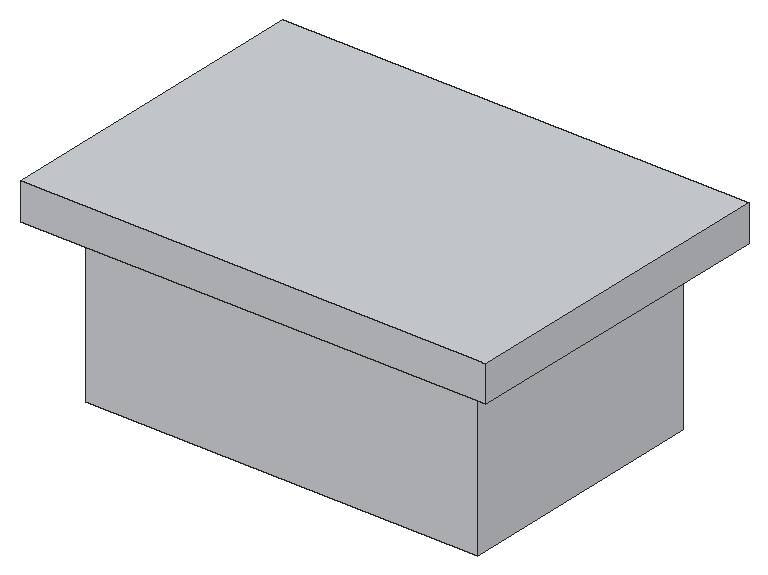
Revit family "445c64adc20849bd9430d785a7de49f6", category Nurse Call Devices, host Face, Revit 2021
Family settings
  Host = Face
  Maintain Annotation Orientation = Yes
  Round Connector Dimension = Use Diameter
  Part Type = Normal
  OmniClass Number = 23.85.30.24.14
  OmniClass Title = Nurse Call Systems
  Seek Item ID = Staff Station-0000-USA-ENU
  Cut with Voids When Loaded = No
  Shared = No
  Room Calculation Point = No
Parameters (values of type "Standard")
  Project = 0' - 0 1/2"
  Label = "SS"
  Default Elevation = 4' - 0"
  Faceplate Width = 0' - 4 1/2"
  Faceplate Material = none
  Faceplate Length = 0' - 6 3/8"
  Faceplate Height = 0' - 2 3/4"
Reference planes (in)
  plane 1 "Center (Front/Back)": y = 0
  plane 2: z = 0
  plane 3 "Center (Left/Right)": x = 0
  plane 4: y = -4.5
  plane 5: x = -3.1875
  plane 6: x = 3.1875
  plane 7: z = 0.5
  plane 8: z = -2.25
  plane 9: x = -2.6875
  plane 10: x = 2.6875
  plane 11: y = -0.5
  plane 12: y = -4
Forms (in)
  Extrusion 1, solid, material <- "Faceplate Material"
    sketch origin (0, 0, 0) x (1, 0, 0) y (0, 1, 0)
      loop
        line (-3.1875, 0) -> (-3.1875, -4.5) -> (3.1875, -4.5) -> (3.1875, 0) -> (-3.1875, 0)
    from 0 to 0.5
  Extrusion 2, solid, material <- "Faceplate Material"
    sketch origin (0, 0, 0) x (1, 0, 0) y (0, 1, 0)
      loop
        line (-2.6875, -0.5) -> (-2.6875, -4) -> (2.6875, -4) -> (2.6875, -0.5) -> (-2.6875, -0.5)
    from -2.25 to 0
Lines and regions (in)
  symbolic lines, detail levels fine
    curve 1: line (3.1875, 0, 0.5) -> (-3.1875, 0, 0.5)
    curve 2: line (-3.1875, 0, 0.5) -> (-3.1875, 0, 0)
    curve 3: line (3.1875, 0, 0) -> (3.1875, 0, 0.5)
    curve 4: line (-3.1875, 0, 0) -> (3.1875, 0, 0)
    curve 5: line (-2.6875, 0, 0) -> (-2.6875, 0, -2.25)
    curve 6: line (2.6875, 0, -2.25) -> (2.6875, 0, 0)
    curve 7: line (-2.6875, 0, -2.25) -> (2.6875, 0, -2.25)
Dimensions and locks (in)
  equal spacing: plane 5, plane 3 "Center (Left/Right)", plane 6
  "Faceplate Length": plane 5 to plane 6
  "Faceplate Width": plane 1 "Center (Front/Back)" to plane 4
  locked: plane 5 to plane 9 at 0.5
  locked: plane 10 to plane 6 at 0.5
  locked: plane 1 "Center (Front/Back)" to plane 11 at 0.5
  locked: plane 12 to plane 4 at 0.5
  "Faceplate Height": plane 7 to plane 8
  "Project": plane 7 to plane 2
  aligned and locked: plane 2 to host face
  aligned and locked: level to host face
  aligned and locked: plane 5 to Extrusion 1 sketch curve
  aligned and locked: plane 1 "Center (Front/Back)" to Extrusion 1 sketch curve
  aligned and locked: plane 4 to Extrusion 1 sketch curve
  aligned and locked: Extrusion 1 sketch curve to plane 6
  aligned and locked: plane 9 to Extrusion 2 sketch curve
  aligned and locked: Extrusion 2 sketch curve to plane 11
  aligned and locked: plane 12 to Extrusion 2 sketch curve
  aligned and locked: Extrusion 2 sketch curve to plane 10
  aligned and locked: Extrusion 2 to plane 8
  aligned and locked: plane 7 to Extrusion 1
  aligned and locked: Extrusion 1 to plane 2
  aligned and locked: plane 2 to Extrusion 2
  aligned and locked: curve 1 to Extrusion 1
  aligned and locked: curve 2 to Extrusion 1
  aligned and locked: curve 3 to Extrusion 1
  aligned and locked: curve 4 to Extrusion 1
  aligned and locked: curve 5 to Extrusion 2
  aligned and locked: curve 6 to Extrusion 2
  aligned and locked: curve 7 to Extrusion 2
  aligned and locked: plane 1 "Center (Front/Back)" to nested 1
  aligned and locked: plane 3 "Center (Left/Right)" to nested 1
Automatic sketch dimensions
  host sketch curve to host sketch curve = 8' - 0"  (x2)
Nested families (in)
  nested 1: "Staff Station Annotation" at (0, 0, 0), type "Staff Station Annotation", detail levels coarse+medium
Connectors (in)
  electrical at (0, -0.5, -1.125)
    settings: on Extrusion 2, index 1, voltage 0 V, apparent load 0 VA, apparent load phase1 0 VA, apparent load phase2 0 VA, apparent load phase3 0 VA, power factor 1, load classification "Other", number of poles 1, system type 12, power factor state 1, is connector primary yes, connector utility no, sub classification motor no, connector description ""
Definition of nested family "Staff Station Annotation"
  Parameters
    Label Annotation = "AIM"
  Reference planes (in)
    plane 1: y = 0
    plane 2: x = 0
  Lines and regions (in)
    reference lines
      curve 1: line (0.125, 0.44323, 0) -> (0.125, -0.22769, 0)
      curve 2: line (-0.125, 0.44323, 0) -> (-0.125, -0.22769, 0)
      curve 3: line (-0.19318, 0.15625, 0) -> (0.77822, 0.15625, 0)
      curve 4: line (-0.19318, 0, 0) -> (0.77822, 0, 0)
    detail lines
      curve 5: line (-0.125, 0.15625, 0) -> (0.125, 0.15625, 0)
      curve 6: line (-0.125, 0, 0) -> (-0.125, 0.15625, 0)
      curve 7: line (0.125, 0, 0) -> (-0.125, 0, 0)
      curve 8: line (0.125, 0.15625, 0) -> (0.125, 0, 0)
  Text (in)
    label "ND" at (-0.09156, 0.07495, 0), shows "Label Annotation"
  Dimensions and locks (in)
    locked: plane 2 to curve 1 at 0.125
    locked: curve 2 to plane 2 at 0.125
    locked: curve 4 to plane 1
    locked: curve 4 to curve 3 at 0.15625
    aligned and locked: curve 3 to curve 5
    aligned and locked: curve 1 to curve 8
    aligned and locked: curve 7 to curve 4
    aligned and locked: curve 6 to curve 2
